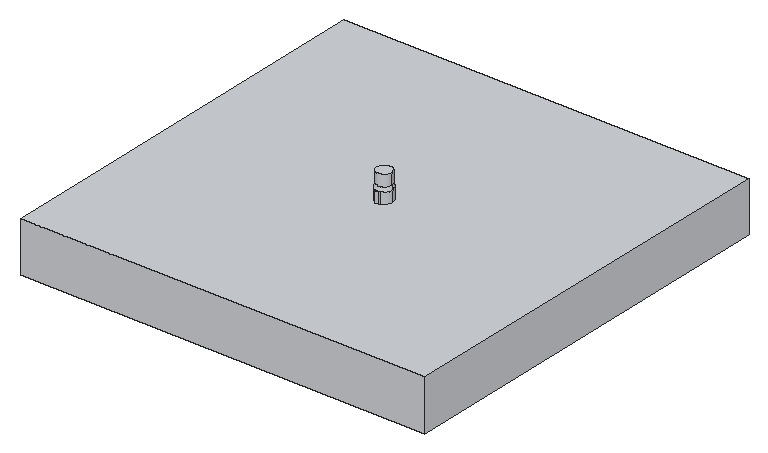
Revit family "M_Detector de chamas", category Dispositivos de alarme de incêndio, Revit 2019
Family settings
  Hospedeiro = Face
  Manter orientação da anotação = Não
  Cota do conector redondo = Utilizar diâmetro
  Tipo de parte = Normal
  Número OmniClass = 23.85.30.21.11.11
  Título OmniClass = Fire/Smoke Detectors
  ID de item do Seek = Flame Detector-0000-CAN-ENU
  Corte com vazios quando carregada = Não
  Compartilhado = Não
  Ponto de cálculo do ambiente = Não
Parameters (values of type "Básico")
  Raio 1 = 44 mm
  Raio = Diâmetro * 0.5  # 51 mm
  Legenda = ""
  Altura 1 = Raio + 6.35 mm  # 57.35 mm
  Diâmetro = 102 mm
  Material do detector = none
  Linear 2 = 25 mm
  Linear 1 = 64 mm
  Linear = 155 mm
  Elevação-padrão = 1200 mm
Types (7, lengths in mm): name | Legenda
  (no name) | ""
  Básico | ""
  Combinação ultravioleta e infravermelho | "UV/IR"
  Chama | "F"
  Infravermelho | "IR"
  Ultravioleta | "UV"
  Radiação visível | "VR"
Reference planes
  plane 1 "Centro (Frente/Trás)": y = 0
  plane 2: z = 0
  plane 3 "Centro (Esquerda/Direita)": x = 0
  plane 4: z = 64
  plane 5: z = 155
  plane 6: y = -57.35
  plane 7: z = 89
Forms (mm)
  Extrusion 1, solid
    sketch origin (0, 0, 0) x (1, 0, 0) y (0, 1, 0)
      loop
        line (-1219.2, 1219.2) -> (-1219.2, -1219.2) -> (1219.2, -1219.2) -> (1219.2, 1219.2) -> (-1219.2, 1219.2)
    from 0 to -304.8
  Extrusion 2, solid, material <- "Material do detector"
    sketch origin (0, 0, 0) x (1, 0, 0) y (0, 1, 0)
      loop
        circle (0, 0) r 51
    from 0 to 64
  Extrusion 3, solid, material <- "Material do detector"
    sketch origin (0, 0, 0) x (1, 0, 0) y (0, 1, 0)
      loop
        circle (0, 0) r 44
    from 89 to 155
  Blend 4, solid, material <- "Material do detector"
    base sketch origin (0, 0, 0) x (1, 0, 0) y (0, 1, 0)
      loop
        circle (0, 0) r 51
    top sketch origin (0, 0, 0) x (1, 0, 0) y (0, 1, 0)
      loop
        circle (0, 0) r 44
    from 64 to 89
  Extrusion 5, solid, material <- "Material do detector"
    sketch origin (0, 0, 0) x (1, 0, 0) y (0, 1, 0)
      loop
        line (-13.023, 0) -> (-13.023, -57.35) -> (13.023, -57.35) -> (13.023, 0) -> (-13.023, 0)
    from 0 to 64
Cuts and joins
  joined: Extrusion 2, Extrusion 3, Blend 4, Extrusion 5
Lines and regions (mm)
  symbolic lines, detail levels fine
    curve 1: line (-13.023, -49.309, 0) -> (-13.023, -57.35, 0)
    curve 2: line (-13.023, -57.35, 0) -> (13.023, -57.35, 0)
    curve 3: line (13.023, -57.35, 0) -> (13.023, -49.309, 0)
    curve 4: arc (-51, 0, 0) -> (0, -51, 0) -> (51, 0, 0) r 51
    curve 5: arc (51, 0, 0) -> (0, 51, 0) -> (-51, 0, 0) r 51
    curve 6: arc (44, 0, 0) -> (0, 44, 0) -> (-44, 0, 0) r 44
    curve 7: arc (-44, 0, 0) -> (0, -44, 0) -> (44, 0, 0) r 44
Dimensions and locks
  "Linear 1": plane 4 to level
  "Linear": plane 5 to level
  equal spacing: Extrusion 5, plane 3 "Centro (Esquerda/Direita)", Extrusion 5
  locked: Extrusion 5 to plane 3 "Centro (Esquerda/Direita)" at 13.023
  "Altura 1": plane 1 "Centro (Frente/Trás)" to plane 6
  "Linear 2": plane 7 to plane 4
  "Raio": radius of Extrusion 2 sketch curve
  "Raio 1": radius of Extrusion 3 sketch curve
  "Raio": radius of Blend 4 sketch curve
  "Raio 1": radius of Blend 4 sketch curve
  aligned and locked: plane 2 to Extrusion 1
  aligned and locked: level to Extrusion 1
  aligned and locked: Extrusion 2 to plane 2
  aligned and locked: plane 4 to Extrusion 2
  aligned and locked: plane 1 "Centro (Frente/Trás)" to Extrusion 2 sketch curve
  aligned and locked: plane 3 "Centro (Esquerda/Direita)" to Extrusion 2 sketch curve
  aligned and locked: plane 1 "Centro (Frente/Trás)" to Extrusion 3 sketch curve
  aligned and locked: plane 3 "Centro (Esquerda/Direita)" to Extrusion 3 sketch curve
  aligned and locked: plane 5 to cut or joined group of Extrusion 2, Extrusion 3, Blend 4, Extrusion 5
  aligned and locked: plane 1 "Centro (Frente/Trás)" to Blend 4 sketch curve  (x2)
  aligned and locked: plane 3 "Centro (Esquerda/Direita)" to Blend 4 sketch curve  (x2)
  aligned and locked: Blend 4 to plane 4
  aligned and locked: Extrusion 5 to plane 6
  aligned and locked: plane 4 to Extrusion 5
  aligned and locked: Extrusion 5 to plane 2
  aligned and locked: cut or joined group of Extrusion 2, Extrusion 3, Blend 4, Extrusion 5 to curve 1
  aligned and locked: curve 2 to cut or joined group of Extrusion 2, Extrusion 3, Blend 4, Extrusion 5
  aligned and locked: curve 3 to cut or joined group of Extrusion 2, Extrusion 3, Blend 4, Extrusion 5
  aligned and locked: curve 4 to cut or joined group of Extrusion 2, Extrusion 3, Blend 4, Extrusion 5
  aligned and locked: curve 5 to cut or joined group of Extrusion 2, Extrusion 3, Blend 4, Extrusion 5
  aligned and locked: curve 6 to cut or joined group of Extrusion 2, Extrusion 3, Blend 4, Extrusion 5
  aligned and locked: curve 7 to cut or joined group of Extrusion 2, Extrusion 3, Blend 4, Extrusion 5
  aligned and locked: cut or joined group of Extrusion 2, Extrusion 3, Blend 4, Extrusion 5 to plane 1 "Centro (Frente/Trás)"
  aligned and locked: cut or joined group of Extrusion 2, Extrusion 3, Blend 4, Extrusion 5 to plane 7
  aligned and locked: plane 7 to cut or joined group of Extrusion 2, Extrusion 3, Blend 4, Extrusion 5
  aligned and locked: plane 1 "Centro (Frente/Trás)" to nested 1
  aligned and locked: nested 1 to plane 3 "Centro (Esquerda/Direita)"
Automatic sketch dimensions
  Extrusion 1 sketch curve to Extrusion 1 sketch curve = 2438.4 mm  (x2)
  Extrusion 5 sketch curve to plane 3 "Centro (Esquerda/Direita)" = 13.023 mm
  plane 3 "Centro (Esquerda/Direita)" to Extrusion 5 sketch curve = 13.023 mm
  plane 1 "Centro (Frente/Trás)" to Extrusion 5 sketch curve = 57.35 mm
  Extrusion 5 sketch curve to plane 1 "Centro (Frente/Trás)" = 0 mm
Nested families
  nested 1: "M_Anotação do detector de chamas" at (0, 0, 0), type "Anotação do detector de chamas", detail levels coarse+medium
Connectors
  electrical at (0, 0, 0)
    settings: on Extrusion 2, index 1, voltage 0 V, apparent load 0 VA, apparent load phase1 0 VA, apparent load phase2 0 VA, apparent load phase3 0 VA, power factor 1, load classification "Outros", number of poles 1, system type 11, power factor state 1, is connector primary yes, connector utility no, sub classification motor no, connector description ""
Definition of nested family "M_Anotação do detector de chamas"
  Parameters
    Anotação de legenda = ""
  Reference planes
    plane 1: y = 0
    plane 2: x = 0
  Lines and regions (mm)
    reference lines
      curve 1: line (-15.09, 1.588, 0) -> (26.249, 1.587, 0)
    detail lines
      curve 2: circle (0, 0, 0) r 1.588 normal (0, 0, 1)
      curve 3: line (0, 1.171, 0) -> (-1.074, -0.688, 0)
      curve 4: line (0, 1.171, 0) -> (1.074, -0.688, 0)
  Text (mm)
    label "F" at (1.497, -1.777, 0), shows "Anotação de legenda"
  Dimensions and locks
    locked: plane 1 to curve 1 at 1.588
    locked: curve 3 to plane 2 (angle 30.00°)
